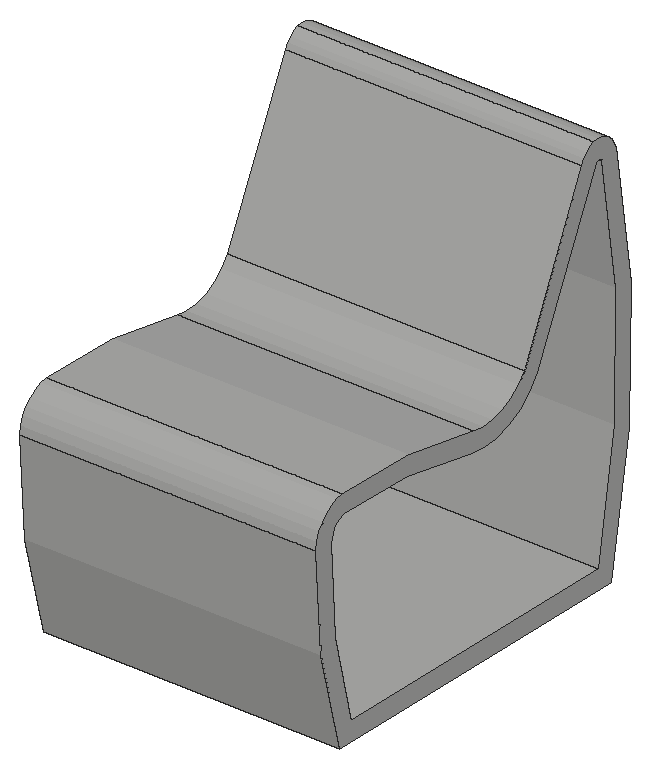
Revit family "Silla Petrus", category Furniture, Revit 2020
Family settings
  OmniClass Number = 23.40.20.00
  OmniClass Title = General Furniture and Specialties
  Work Plane-Based = No
  Always vertical = Yes
  Cut with Voids When Loaded = No
  Shared = No
  Room Calculation Point = No
Parameters (values of type "Silla Petrus-UM359SR-600mm")
  URL_Producto = "https://www.benito.com/es/mobiliario-urbano/bancos/petrus--UM359SR.html"
  Type Comments = "Anclaje recomendado: Apoyado por su propio peso"
  Referencia = "UM359SR"
  Material = Hormigón prefabricado
  H1 = 0.460 m
  H = 0.820 m
  Ficha_Tecnica = "https://www.benito.com/es/download/data-sheet-UM359SR"
  Fabricante = "BENITO URBAN SL"
  Description = "Banco fabricado en hormigón prefabricado color gris granítico de aspecto rugoso. Se puede colocar en elementos aislados o en grupos"
  Default Elevation = 0.000 m
  Silla Petrus-UM359T-600mm = no
  Silla Petrus-UM359SR-600mm = yes
  Silla Petrus-UM359S-600mm = no
  Silla Petrus-UM359-1640mm = no
  B = 0.800 m
  A = 0.600 m
Types (2, lengths in m): name | URL_Producto | Type Comments | Referencia | H1 | H | Ficha_Tecnica | Description | Silla Petrus-UM359SR-600mm | Silla Petrus-UM359S-600mm | B
  Silla Petrus-UM359S-600mm | "https://www.benito.com/es/mobiliario-urbano/bancos/petrus--UM359S.html" | "Anclaje recomendado: Apoyado por su propio peso." | "UM359S" | 0.000 | 0.470 | "https://www.benito.com/es/download/data-sheet-UM359S" | "Banco fabricado en hormigón prefabricado color gris granítico de aspecto rugoso. Se puede colocar en elementos aislados o en grupos." | no | yes | 0.600
  Silla Petrus-UM359SR-600mm | "https://www.benito.com/es/mobiliario-urbano/bancos/petrus--UM359SR.html" | "Anclaje recomendado: Apoyado por su propio peso" | "UM359SR" | 0.460 | 0.820 | "https://www.benito.com/es/download/data-sheet-UM359SR" | "Banco fabricado en hormigón prefabricado color gris granítico de aspecto rugoso. Se puede colocar en elementos aislados o en grupos" | yes | no | 0.800
Reference planes (m)
  plane 1 "Center (Front/Back)": y = 0
  plane 2: z = 0
  plane 3 "Center (Left/Right)": x = 0
Dimensions and locks (m)
  aligned and locked: level to plane 2
Nested families (m)
  nested 1: "Banco Petrus-UM359S-600mm" at (0, 0, 0), visible <- "Silla Petrus-UM359S-600mm", type "Banco Petrus-UM359S-600mm"
  nested 2: "Silla Petrus-UM359SR-600mm" at (0, 0, 0), visible <- "Silla Petrus-UM359SR-600mm", type "Silla Petrus-UM359SR-600mm"
Definition of nested family "Banco Petrus-UM359S-600mm"
  Parameters
    Default Elevation = 0.000 m
  Reference planes (m)
    plane 1 "Center (Front/Back)": y = 0
    plane 2: z = 0
    plane 3 "Center (Left/Right)": x = 0
    plane 4: y = -0.3
    plane 5: y = 0.3
    plane 6: z = 0.47
    plane 7: x = -0.3
    plane 8: x = 0.3
  Forms (m)
    Extrusion 1, solid
      sketch origin (-0.305, 0, 0) x (0, 1, 0) y (0, 0, 1)
        loop
          arc (0.248618, 0) -> (0.262277, 0.004595) -> (0.270381, 0.016513) r 0.022598
          arc (0.270381, 0.016513) -> (0.299189, 0.196142) -> (0.286786, 0.377643) r 0.802281
          arc (0.286786, 0.377643) -> (0.250058, 0.441378) -> (0.181373, 0.467714) r 0.11
          arc (0.181373, 0.467714) -> (0, 0.470001) -> (-0.181373, 0.467714) r 7.193691
          arc (-0.181373, 0.467714) -> (-0.250058, 0.441378) -> (-0.286786, 0.377643) r 0.11
          arc (-0.286786, 0.377643) -> (-0.299189, 0.196142) -> (-0.270381, 0.016513) r 0.802281
          arc (-0.270381, 0.016513) -> (-0.262277, 0.004595) -> (-0.248618, 0) r 0.022598
          line (-0.248618, 0) -> (0.248618, 0)
        loop
          arc (-0.231719, 0.067646) -> (-0.22379, 0.054955) -> (-0.209669, 0.05) r 0.0226
          line (-0.209669, 0.05) -> (0.209669, 0.05)
          arc (0.209669, 0.05) -> (0.22379, 0.054955) -> (0.231719, 0.067646) r 0.0226
          arc (0.231719, 0.067646) -> (0.249871, 0.217826) -> (0.23761, 0.3686) r 0.752281
          arc (0.23761, 0.3686) -> (0.217577, 0.403365) -> (0.180113, 0.41773) r 0.06
          arc (0.180113, 0.41773) -> (0, 0.420001) -> (-0.180113, 0.41773) r 7.143691
          arc (-0.180113, 0.41773) -> (-0.217577, 0.403365) -> (-0.23761, 0.3686) r 0.06
          arc (-0.23761, 0.3686) -> (-0.249871, 0.217826) -> (-0.231719, 0.067646) r 0.752281
      from 0.005 to 0.605
  Dimensions and locks (m)
    plane 6 to level = 0.470 m
    plane 7 to plane 8 = 0.600 m
    plane 5 to plane 4 = 0.600 m
    aligned and locked: level to plane 2
Definition of nested family "Silla Petrus-UM359SR-600mm"
  Parameters (values of type "Silla Petrus-UM359SR-600mm")
    Default Elevation = 0.000 m
  Reference planes (m)
    plane 1 "Center (Front/Back)": y = 0
    plane 2: z = 0
    plane 3 "Center (Left/Right)": x = 0
    plane 4: y = -0.4
    plane 5: y = 0.4
    plane 6: z = 0.46
    plane 7: z = 0.46
    plane 8: z = 0.82
    plane 9: y = 0.22
    plane 10: z = 0.74
    plane 11: z = 0.819965
    plane 12: x = 0.3
    plane 13: x = -0.3
  Forms (m)
    Extrusion 1, solid
      sketch origin (-0.305, 0, 0) x (0, -1, 0) y (0, 0, -1)
        loop
          line (0.338443, 0) -> (-0.347124, 0)
          arc (-0.347124, 0) -> (-0.399988, -0.391557) -> (-0.359276, -0.784563) r 1.668081
          arc (-0.359276, -0.784563) -> (-0.355435, -0.794471) -> (-0.349727, -0.803436) r 0.053997
          arc (-0.349727, -0.803436) -> (-0.328641, -0.817342) -> (-0.303449, -0.819168) r 0.050003
          arc (-0.303449, -0.819168) -> (-0.285248, -0.807036) -> (-0.273116, -0.788835) r 0.055754
          arc (-0.273116, -0.788835) -> (-0.207659, -0.631582) -> (-0.128048, -0.481) r 1.854192
          arc (-0.128048, -0.481) -> (-0.07255, -0.433277) -> (0.000367, -0.426903) r 0.119406
          arc (0.000367, -0.426903) -> (0.16453, -0.456005) -> (0.33122, -0.459326) r 1.073034
          arc (0.33122, -0.459326) -> (0.378557, -0.434754) -> (0.399063, -0.385518) r 0.078053
          arc (0.399063, -0.385518) -> (0.388279, -0.189689) -> (0.338443, 0) r 0.973003
        loop
          arc (-0.316662, -0.0375) -> (-0.362914, -0.405609) -> (-0.324757, -0.774645) r 1.630581
          arc (-0.324757, -0.774645) -> (-0.317069, -0.781374) -> (-0.308362, -0.77603) r 0.008615
          arc (-0.308362, -0.77603) -> (-0.241518, -0.615463) -> (-0.160211, -0.461715) r 1.891692
          arc (-0.160211, -0.461715) -> (-0.086994, -0.39867) -> (0.009278, -0.390473) r 0.156906
          arc (0.009278, -0.390473) -> (0.16716, -0.418583) -> (0.32749, -0.421978) r 1.035534
          arc (0.32749, -0.421978) -> (0.351774, -0.40845) -> (0.361641, -0.382463) r 0.040553
          arc (0.361641, -0.382463) -> (0.35313, -0.207659) -> (0.312209, -0.0375) r 0.935503
          line (0.312209, -0.0375) -> (-0.316662, -0.0375)
      from 0.005 to 0.605
  Dimensions and locks (m)
    plane 6 to level = 0.460 m
    plane 13 to plane 12 = 0.600 m
    plane 5 to plane 4 = 0.800 m
    plane 11 to level = 0.819965 m
    aligned and locked: level to plane 2
